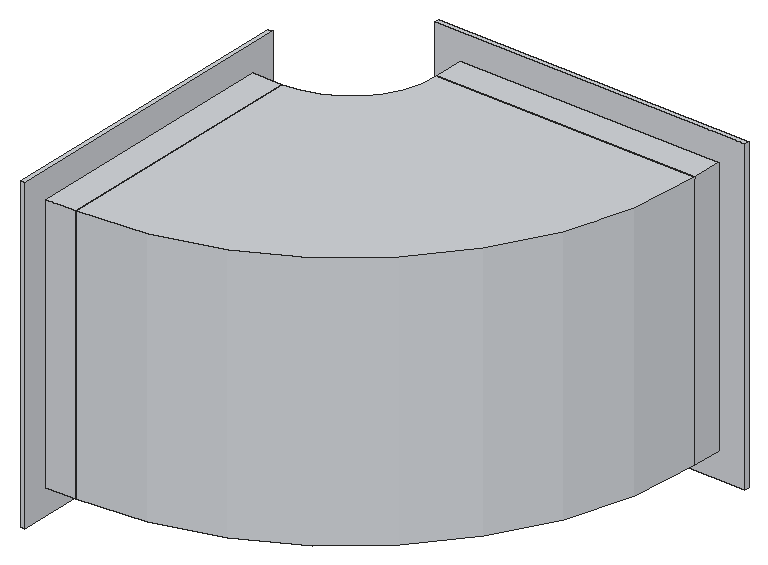
Revit family "RE Bogen BS - Flansch", category Luftkanalformteile, Revit 2014
Parameters (values of type "Allgemein")
  r1 [instance] = if(r = 0 mm, 1 mm, r)  # 100 mm
  f2 [instance] = 35 mm  # constant formula
  f1 [instance] = if(f = 0 mm, f2, f)  # 35 mm
  f [instance] = 0 mm
  e2 [instance] = 35 mm  # constant formula
  e1 [instance] = if(e = 0 mm, e2, e)  # 35 mm
  e [instance] = 0 mm
  alpha [instance] = 90.00°
  Max. ab [instance] = if(a > b, a, b)  # 300 mm
  Länge 1 [instance] = Bogenradius * tan(alpha / 2)  # 250 mm
  a [instance] = 300 mm
  b [instance] = 300 mm
  r [instance] = 100 mm
  Flansch b [instance] = b + 2 * Flanschverlängerung  # 360 mm
  Flansch a [instance] = a + 2 * Flanschverlängerung  # 360 mm
  Flanschstärke [instance] = 5 mm
  Flanschverlängerung [instance] = 30 mm
  Bogenradius [instance] = r1 + b / 2  # 250 mm
Reference planes
  plane 1 "Mitte (vorne/hinten)": y = 0
  plane 2: z = 0
  plane 3 "Mitte (links/rechts)": x = 0
  plane 4: x = -250
  plane 5: y = 250
  plane 6: x = -285
  plane 7: x = -290
  plane 8: y = 180
  plane 9: y = -180
Forms (mm)
  Sweep 1, solid, detail levels medium+fine
    path in 3D
      loop
        arc (-250, 0, 0) -> (-73.223, 73.223, 0) -> (0, 250, 0) r 250
    profile "Luftkanal - rechteckig : Luftkanal - rechteckig" origin (-73.223, 73.223, 0) x (-0.707107, 0.707107, 0) y (0, 0, 1)
      loop
        line (-150, 150) -> (-150, -150) -> (150, -150) -> (150, 150) -> (-150, 150)
  Sweep 2, solid, detail levels medium+fine
    path in 3D
      loop
        line (0, 250, 0) -> (0, 285, 0)
    profile "Luftkanal - rechteckig : Luftkanal - rechteckig" origin (0, 267.5, 0) x (-1, 0, 0) y (0, 0, 1)
      loop
        line (-150, 150) -> (-150, -150) -> (150, -150) -> (150, 150) -> (-150, 150)
  Sweep 3, solid, detail levels medium+fine
    path in 3D
      loop
        line (-285, 0, 0) -> (-250, 0, 0)
    profile "Luftkanal - rechteckig : Luftkanal - rechteckig" origin (-267.5, 0, 0) x (0, 1, 0) y (0, 0, 1)
      loop
        line (-150, 150) -> (-150, -150) -> (150, -150) -> (150, 150) -> (-150, 150)
  Sweep 4, solid, detail levels fine
    path in 3D
      loop
        line (0, 285, 0) -> (0, 290, 0)
    profile "Luftkanal - rechteckig : Luftkanal - Flansch" origin (0, 287.5, 0) x (-1, 0, 0) y (0, 0, 1)
      loop
        line (-180, 180) -> (-180, -180) -> (180, -180) -> (180, 180) -> (-180, 180)
  Sweep 5, solid, detail levels fine
    path in 3D
      loop
        line (-290, 0, 0) -> (-285, 0, 0)
    profile "Luftkanal - rechteckig : Luftkanal - Flansch" origin (-287.5, 0, 0) x (0, 1, 0) y (0, 0, 1)
      loop
        line (-180, 180) -> (-180, -180) -> (180, -180) -> (180, 180) -> (-180, 180)
  Sweep 6, solid, detail levels medium+fine
    path in 3D
      loop
        line (-290, 0, 0) -> (-285, 0, 0)
    profile "Luftkanal - rechteckig : Luftkanal - rechteckig" origin (-287.5, 0, 0) x (0, 1, 0) y (0, 0, 1)
      loop
        line (-150, 150) -> (-150, -150) -> (150, -150) -> (150, 150) -> (-150, 150)
  Sweep 7, solid, detail levels medium+fine
    path in 3D
      loop
        line (0, 285, 0) -> (0, 290, 0)
    profile "Luftkanal - rechteckig : Luftkanal - rechteckig" origin (0, 287.5, 0) x (-1, 0, 0) y (0, 0, 1)
      loop
        line (-150, 150) -> (-150, -150) -> (150, -150) -> (150, 150) -> (-150, 150)
Cuts and joins
  joined: Sweep 3, Sweep 6
  joined: Sweep 2, Sweep 7
Lines and regions (mm)
  reference lines
    curve 1: arc (-250, 0, 0) -> (-73.223, 73.223, 0) -> (0, 250, 0) r 250
    curve 2: line (0, 250, 0) -> (0, 285, 0)
    curve 3: line (-250, 250, 0) -> (390, 250, 0)
    curve 4: line (-99.96, 285, 0) -> (140.04, 285, 0)
    curve 5: line (-285, 0, 0) -> (-250, 0, 0)
    curve 12: line (0, 285, 0) -> (0, 290, 0)
    curve 13: line (-79.72, 290, 0) -> (140.04, 290, 0)
    curve 14: line (-180, 393.676, 0) -> (-180, 223.247, 0)
    curve 15: line (180, 353.676, 0) -> (180, 223.247, 0)
  sketch lines
    curve 6: arc (-250, 0, 0) -> (-73.223, 73.223, 0) -> (0, 250, 0) r 250
    curve 7: line (0, 250, 0) -> (0, 285, 0)
    curve 8: line (-285, 0, 0) -> (-250, 0, 0)
    curve 16: line (0, 285, 0) -> (0, 290, 0)
    curve 20: line (-290, 0, 0) -> (-285, 0, 0)
    curve 22: line (-290, 0, 0) -> (-285, 0, 0)
    curve 23: line (0, 285, 0) -> (0, 290, 0)
  model lines, detail levels coarse
    curve 9: line (0, 250, 0) -> (0, 285, 0)
    curve 10: arc (-250, 0, 0) -> (-73.223, 73.223, 0) -> (0, 250, 0) r 250
    curve 11: line (-285, 0, 0) -> (-250, 0, 0)
    curve 17: line (0, 285, 0) -> (0, 290, 0)
    curve 18: line (-180, 290, 0) -> (180, 290, 0)
    curve 19: line (-290, 0, 0) -> (-285, 0, 0)
    curve 21: line (-290, 180, 0) -> (-290, -180, 0)
Dimensions and locks
  "Länge 1": plane 4 to plane 3 "Mitte (links/rechts)"
  "Bogenradius": plane 5 to plane 1 "Mitte (vorne/hinten)"
  "f1": plane 6 to plane 4
  "e1": curve 2 to curve 2
  "e1": curve 3 to curve 4
  "Flanschstärke": curve 12 to curve 12
  "Flanschstärke": curve 4 to curve 13
  equal spacing: curve 14, curve 2, curve 15
  "Flansch b": curve 14 to curve 15
  "Flanschstärke": plane 7 to plane 6
  equal spacing: plane 8, plane 1 "Mitte (vorne/hinten)", plane 9
  "Flansch b": plane 8 to plane 9
  "Bogenradius": radius of curve 1
  "alpha": angle curve 1 to curve 1
  "alpha": angle plane 1 "Mitte (vorne/hinten)" to curve 2
  "alpha": angle plane 4 to curve 3
  "alpha": angle plane 3 "Mitte (links/rechts)" to curve 4
  "alpha": angle curve 10 to curve 10
  "alpha": angle plane 1 "Mitte (vorne/hinten)" to curve 12
  "alpha": angle plane 3 "Mitte (links/rechts)" to curve 13
  locked: curve 13 to curve 14 (angle 90.00°)
  aligned and locked: plane 5 to curve 1
  aligned and locked: plane 4 to curve 1
  aligned and locked: plane 5 to curve 3
  aligned and locked: plane 4 to curve 3
  aligned and locked: plane 6 to curve 5
  aligned and locked: plane 4 to curve 5
  aligned and locked: plane 1 "Mitte (vorne/hinten)" to curve 5
  aligned and locked: curve 9 to curve 2
  aligned and locked: curve 3 to curve 9
  aligned and locked: curve 10 to curve 1
  aligned and locked: plane 4 to curve 10
  aligned and locked: plane 4 to curve 11
  aligned and locked: plane 1 "Mitte (vorne/hinten)" to curve 11
  aligned and locked: curve 17 to curve 12
  aligned and locked: curve 4 to curve 17
  aligned and locked: curve 13 to curve 17
  aligned and locked: curve 18 to curve 13
  aligned and locked: curve 14 to curve 18
  aligned and locked: curve 15 to curve 18
  aligned and locked: plane 7 to curve 19
  aligned and locked: plane 6 to curve 19
  aligned and locked: plane 1 "Mitte (vorne/hinten)" to curve 19
  aligned and locked: curve 21 to plane 8
  aligned and locked: plane 9 to curve 21
  aligned and locked: curve 21 to plane 7
Automatic sketch dimensions
  curve 4 to curve 2 = 140.04 mm
  curve 12 to curve 2 = 0 mm
  curve 15 to curve 2 = 26.753 mm
  curve 14 to curve 2 = 26.753 mm
  curve 2 to curve 15 = 68.676 mm
  curve 13 to curve 2 = 140.04 mm
Connectors
  hvac at (-290, 0, 0), driven by "a", driven by "b", driven by "alpha"
    settings: on Sweep 5, index 1, duct flow 0.0 L/s, flow factor 0, pres drop 0.0 Pa, loss coef 0, conn angle 90.00°, conn width 300 mm, conn height 300 mm, conn diameter 0 mm, duct sys type 28, conn prof type 1, flow config 0, flow direction 0, loss method 0, conn ref index 2, conn util no, is conn primary yes, conn desc ""
  hvac at (0, 290, 0), driven by "a", driven by "b", driven by "alpha"
    settings: on Sweep 4, index 2, duct flow 0.0 L/s, flow factor 0, pres drop 0.0 Pa, loss coef 0, conn angle 90.00°, conn width 300 mm, conn height 300 mm, conn diameter 609.6 mm, duct sys type 28, conn prof type 1, flow config 0, flow direction 0, loss method 0, conn ref index 1, conn util no, is conn primary no, conn desc ""
